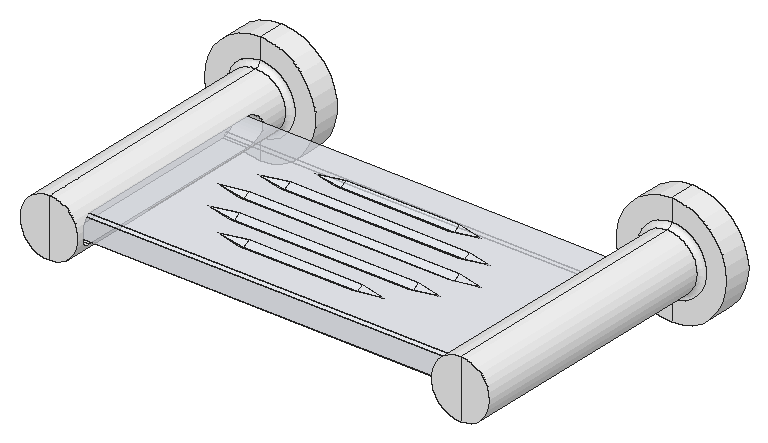
Revit family "Reece_Accessory_Sussex_Scala_Soap Dish", category Plumbing Fixtures, Revit 2018
Family settings
  Round Connector Dimension = Use Diameter
  Part Type = Normal
  Work Plane-Based = Yes
  Always vertical = Yes
  Cut with Voids When Loaded = Yes
  Shared = Yes
  Room Calculation Point = Yes
Parameters (values of type "Chrome")
  URL = "https://www.reece.com.au/product/-2261355"
  Type Comments = "Accessory"
  Reece_Product_Web Page = "https://www.reece.com.au/product/-2261355"
  Reece_Product_Type = "Accessory"  # constant formula
  Reece_Product_Sub Brand = "Scala"  # constant formula
  Reece_Product_Number = "2261355"
  Reece_Product_Mount = "Wall Mounted"
  Reece_Product_Description = "Sussex Scala Soap Dish Chrome"
  Reece_Product_Brand = "Sussex"  # constant formula
  Reece_Overall_Width = 198 mm  # constant formula
  Reece_Overall_Projection = 110 mm  # constant formula
  Reece_Material_Secondary = Reece_Safety Glass_Transparent
  Reece_Material_Main = Reece_Brass_Chrome
  Reece_Height_From_Level [instance] = 800 mm
  Reece_Fixing_Point_Width = 156 mm  # constant formula
  Reece_Detail_Disclaimer = "THIS FILE IS THE PROPERTY OF THE REECE GROUP. IT MAY NOT BE REPRODUCED, REVERSE-ENGINEERED OR MODIFIED. ANY REPUBLICATION, TRANSMISSION OR DISTRIBUTION FOR THE PURPOSE OF COMMERCIALLY EXPLOITING THE FILES IS PROHIBITED."  # constant formula
  Reece_Detail_Additional = "Soap Dish"  # constant formula
  Model = "Scala"
  Manufacturer = "Sussex"
  Keynote = "Product #2261355, Reece_Accessory_Sussex_Scala_Soap Dish - Chrome"
  Disclaimer = "THIS FILE IS THE PROPERTY OF THE REECE GROUP. IT MAY NOT BE REPRODUCED, REVERSE-ENGINEERED OR MODIFIED. ANY REPUBLICATION, TRANSMISSION OR DISTRIBUTION FOR THE PURPOSE OF COMMERCIALLY EXPLOITING THE FILES IS PROHIBITED."  # constant formula
  Description = "Scala Soap Dish Chrome"
  Default Elevation = 0 mm
Types (3, lengths in mm): name | URL | Reece_Product_Web Page | Reece_Product_Number | Reece_Product_Description | Reece_Material_Main | Keynote | Description
  Matte Black | "https://www.reece.com.au/product/-2261115" | "https://www.reece.com.au/product/-2261115" | "2261115" | "Sussex Scala Soap Dish Matte Black" | Reece_Brass_Matte Black | "Product #2261115, Reece_Accessory_Sussex_Scala_Soap Dish - Matte Black" | "Scala Soap Dish Matte Black"
  Chrome | "https://www.reece.com.au/product/-2261355" | "https://www.reece.com.au/product/-2261355" | "2261355" | "Sussex Scala Soap Dish Chrome" | Reece_Brass_Chrome | "Product #2261355, Reece_Accessory_Sussex_Scala_Soap Dish - Chrome" | "Scala Soap Dish Chrome"
  Satin Chrome | "https://www.reece.com.au/product/-2261385" | "https://www.reece.com.au/product/-2261385" | "2261385" | "Sussex Scala Soap Dish Satin Chrome" | Reece_Brass_Satin Chrome | "Product #2261385, Reece_Accessory_Sussex_Scala_Soap Dish - Satin Chrome" | "Scala Soap Dish Satin Chrome"
Reference planes
  plane 1 "Center (Front/Back)": y = 0
  plane 2 "Bottom Host Plane": z = -5
  plane 3 "Center (Left/Right)": x = 0
  plane 4 "fixing point": z = 795
  plane 5: y = -110
  plane 6: x = 99
  plane 7: x = -99
  plane 8: y = -26.598
  plane 9: y = -103.598
  plane 10: x = -78
  plane 11: x = 78
  plane 12: z = 806
  plane 13: z = 784
  plane 14: z = 816
  plane 15: z = 774
  plane 16: y = -10
Forms (mm)
  Extrusion 1, void
    sketch origin (0, 0, 995) x (0, 0, 1) y (0, -1, 0)
      loop
        line (-205.5, 102.5) -> (-205.5, 28)
        arc (-205.5, 28) -> (-200, 22.5) -> (-194.5, 28) r 5.5
        line (-194.5, 28) -> (-194.5, 102.5)
        arc (-194.5, 102.5) -> (-200, 108) -> (-205.5, 102.5) r 5.5
    from -78 to 78
  Extrusion 2, solid, material "Reece_Safety Glass_Transparent" <- "Reece_Material_Secondary"
    sketch origin (-78, 0.202, 995) x (0, 1, 0) y (0, 0, 1)
      loop
        line (-103.8, -195.987) -> (-103.8, -204.013) -> (-102.813, -205) -> (-27.687, -205) -> (-26.8, -204.113) -> (-26.8, -195.887) -> (-27.687, -195) -> (-102.813, -195) -> (-103.8, -195.987)
    from 0 to 156
  Revolve 3, solid, material "Reece_Brass_Chrome" <- "Reece_Material_Main"
    sketch origin (-78, 0, 1147) x (0, 1, 0) y (0, 0, -1)
      loop
        line (0, 352) -> (-110, 352) -> (-110, 341) -> (-12, 341)
        arc (-12, 341) -> (-10.586, 340.414) -> (-10, 339) r 2
        line (-10, 339) -> (-10, 331) -> (0, 331) -> (0, 352)
      axis (0, 352) -> (-110, 352)
    angle from 0 to 360
  Revolve 4, solid, material "Reece_Brass_Chrome" <- "Reece_Material_Main"
    sketch origin (78, 0, 1147) x (0, 1, 0) y (0, 0, 1)
      loop
        line (0, -352) -> (0, -331) -> (-10, -331) -> (-10, -339)
        arc (-10, -339) -> (-10.586, -340.414) -> (-12, -341) r 2
        line (-12, -341) -> (-110, -341) -> (-110, -352) -> (0, -352)
      axis (0, -352) -> (-110, -352)
    angle from 0 to 360
  Sweep 5, void
    path origin (-0.317, -65.25, 996.025) x (-1, 0, 0) y (0, 0, -1)
      loop
        line (-52.95, 193.185) -> (-40.033, 195) -> (-0.317, 195) -> (39.399, 195) -> (52.316, 193.185)
    profile origin (0, -65.25, 801.025) x (0, 0, 1) y (0, -1, 0)
      loop
        line (0, -4.304) -> (0, 4.304) -> (-2.447, 0) -> (0, -4.304)
  Sweep 6, void
    path origin (0, -53.295, 996.025) x (-1, 0, 0) y (0, 0, 1)
      loop
        line (-46.8, -193.185) -> (-33.883, -195) -> (0, -195) -> (33.883, -195) -> (46.8, -193.185)
    profile origin (0, -53.295, 801.025) x (0, 0, 1) y (0, 1, 0)
      loop
        line (-2.447, 0) -> (0, -4.304) -> (0, 4.304) -> (-2.447, 0)
  Sweep 7, void
    path origin (0, -42.283, 996.025) x (-1, 0, 0) y (0, 0, 1)
      loop
        line (-34.3, -193.185) -> (-21.383, -195) -> (0, -195) -> (21.383, -195) -> (34.3, -193.185)
    profile origin (0, -42.283, 801.025) x (0, 0, 1) y (0, 1, 0)
      loop
        line (-2.447, 0) -> (0, -4.304) -> (0, 4.304) -> (-2.447, 0)
  Sweep 8, void
    path origin (0, -88.217, 996.025) x (-1, 0, 0) y (0, 0, -1)
      loop
        line (-34.3, 193.185) -> (-21.383, 195) -> (0, 195) -> (21.383, 195) -> (34.3, 193.185)
    profile origin (0, -88.217, 801.025) x (0, 0, -1) y (0, -1, 0)
      loop
        line (2.447, 0) -> (0, 4.304) -> (0, -4.304) -> (2.447, 0)
  Sweep 9, void
    path origin (0, -77.205, 996.025) x (-1, 0, 0) y (0, 0, -1)
      loop
        line (-46.8, 193.185) -> (-33.883, 195) -> (0, 195) -> (33.883, 195) -> (46.8, 193.185)
    profile origin (0, -77.205, 801.025) x (0, 0, -1) y (0, -1, 0)
      loop
        line (2.447, 0) -> (0, 4.304) -> (0, -4.304) -> (2.447, 0)
Cuts and joins
  Extrusion 1, Sweep 5, Sweep 6 cuts Revolve 3
  Extrusion 1 cuts Revolve 4
  Sweep 5, Sweep 6, Sweep 7, Sweep 8, Sweep 9 cuts Extrusion 2
Lines and regions (mm)
  model lines, style "InvisibleLines"
    curve 1: line (0, 0, -5) -> (0, 0, 795)
Text (mm)
  text "Reece ©" at (2421.378, -2240.638, 3354.797), in view "Reece Preview"
  text "Reece Copyright © 2018, Reece Ltd." at (208.114, -279.799, 0), in view "Ref. Level"
Dimensions and locks
  locked: plane 2 "Bottom Host Plane" to level at 5
  "Reece_Height_From_Level": plane 4 "fixing point" to plane 2 "Bottom Host Plane"
  "Reece_Overall_Projection": plane 1 "Center (Front/Back)" to plane 5
  "Reece_Overall_Width": plane 7 to plane 6
  plane 8 to plane 9 = 77 mm
  "Reece_Fixing_Point_Width": plane 11 to plane 10
  plane 12 to plane 13 = 22 mm
  plane 14 to plane 15 = 42 mm
  plane 1 "Center (Front/Back)" to plane 16 = 10 mm
  equal spacing: plane 14, plane 4 "fixing point", plane 15, locked at 21 each
  equal spacing: plane 12, plane 4 "fixing point", plane 13, locked at 11 each
  aligned and locked: plane 1 "Center (Front/Back)" to curve 1
  aligned and locked: plane 3 "Center (Left/Right)" to curve 1
  aligned and locked: Revolve 3 sketch curve to plane 4 "fixing point"
Automatic sketch dimensions
  curve 1 to plane 2 "Bottom Host Plane" = 0 mm
  curve 1 to plane 4 "fixing point" = 0 mm
  Extrusion 1 sketch curve to plane 4 "fixing point" = 0 mm
  Extrusion 1 sketch curve to plane 8 = 1.402 mm
  Extrusion 1 sketch curve to Extrusion 1 sketch curve = 5.5 mm
  Extrusion 1 sketch curve to plane 9 = 1.098 mm
  Extrusion 2 sketch curve to plane 9 = 0 mm
  Extrusion 2 sketch curve to plane 8 = 0 mm
  Extrusion 2 sketch curve to plane 9 = 0.987 mm  (x2)
  Extrusion 2 sketch curve to plane 8 = 0.887 mm  (x2)
  Extrusion 2 sketch curve to plane 4 "fixing point" = 5 mm
  Extrusion 2 sketch curve to Extrusion 2 sketch curve = 0.887 mm  (x2)
  Extrusion 2 sketch curve to Extrusion 2 sketch curve = 0.987 mm
  plane 4 "fixing point" to Extrusion 2 sketch curve = 4.013 mm
  plane 4 "fixing point" to Extrusion 2 sketch curve = 4.113 mm
  plane 4 "fixing point" to Revolve 3 sketch curve = 0 mm
  Revolve 3 sketch curve to plane 5 = 0 mm
  Revolve 3 sketch curve to plane 12 = 0 mm
  Revolve 3 sketch curve to plane 16 = 0 mm
  Revolve 3 sketch curve to plane 1 "Center (Front/Back)" = 0 mm
  Revolve 3 sketch curve to plane 14 = 0 mm
  Revolve 3 sketch curve to Revolve 3 sketch curve = 2 mm
  Revolve 3 sketch curve to plane 8 = 28.402 mm
  Revolve 3 sketch curve to plane 16 = 5 mm
  Revolve 4 sketch curve to plane 4 "fixing point" = 0 mm  (x2)
  Revolve 4 sketch curve to plane 5 = 0 mm
  Revolve 4 sketch curve to plane 12 = 0 mm
  Revolve 4 sketch curve to plane 16 = 0 mm
  Revolve 4 sketch curve to plane 1 "Center (Front/Back)" = 0 mm
  Revolve 4 sketch curve to plane 14 = 0 mm
  plane 12 to Revolve 4 sketch curve = 2 mm
  Revolve 4 sketch curve to plane 8 = 28.402 mm
  Revolve 4 sketch curve to plane 16 = 5 mm
  Sweep 5 sketch curve to plane 3 "Center (Left/Right)" = 0 mm
  Sweep 5 sketch curve to plane 12 = 4.975 mm
  plane 11 to Sweep 5 sketch curve = 38.284 mm
  plane 10 to Sweep 5 sketch curve = 38.284 mm
  Sweep 5 sketch curve to plane 12 = 3.159 mm  (x2)
  Sweep 5 sketch curve to Sweep 5 sketch curve = 12.917 mm  (x2)
  Sweep 5 sketch curve to profile plane = 0 mm
  profile plane to Sweep 5 sketch curve = 0 mm
  profile plane to Sweep 5 sketch curve = 2.447 mm
  Sweep 5 sketch curve to profile plane = 4.304 mm
  profile plane to Sweep 5 sketch curve = 4.304 mm
  Sweep 6 sketch curve to plane 3 "Center (Left/Right)" = 0 mm
  Sweep 6 sketch curve to plane 12 = 4.975 mm
  plane 3 "Center (Left/Right)" to Sweep 6 sketch curve = 33.883 mm
  Sweep 6 sketch curve to Sweep 6 sketch curve = 33.883 mm
  Sweep 6 sketch curve to plane 12 = 3.159 mm  (x2)
  Sweep 6 sketch curve to Sweep 6 sketch curve = 12.917 mm  (x2)
  Sweep 6 sketch curve to profile plane = 0 mm
  profile plane to Sweep 6 sketch curve = 0 mm
  profile plane to Sweep 6 sketch curve = 2.447 mm
  Sweep 6 sketch curve to profile plane = 4.304 mm
  profile plane to Sweep 6 sketch curve = 4.304 mm
  Sweep 7 sketch curve to plane 3 "Center (Left/Right)" = 0 mm
  Sweep 7 sketch curve to plane 12 = 4.975 mm
  plane 3 "Center (Left/Right)" to Sweep 7 sketch curve = 21.383 mm
  Sweep 7 sketch curve to Sweep 7 sketch curve = 21.383 mm
  Sweep 7 sketch curve to plane 12 = 3.159 mm  (x2)
  Sweep 7 sketch curve to Sweep 7 sketch curve = 12.917 mm  (x2)
  Sweep 7 sketch curve to profile plane = 0 mm
  profile plane to Sweep 7 sketch curve = 0 mm
  profile plane to Sweep 7 sketch curve = 2.447 mm
  Sweep 7 sketch curve to profile plane = 4.304 mm
  profile plane to Sweep 7 sketch curve = 4.304 mm
  Sweep 8 sketch curve to plane 3 "Center (Left/Right)" = 0 mm
  Sweep 8 sketch curve to plane 12 = 4.975 mm
  plane 3 "Center (Left/Right)" to Sweep 8 sketch curve = 21.383 mm
  Sweep 8 sketch curve to Sweep 8 sketch curve = 21.383 mm
  Sweep 8 sketch curve to plane 12 = 3.159 mm  (x2)
  Sweep 8 sketch curve to Sweep 8 sketch curve = 12.917 mm  (x2)
  Sweep 8 sketch curve to profile plane = 0 mm  (x2)
  Sweep 8 sketch curve to profile plane = 2.447 mm
  Sweep 8 sketch curve to profile plane = 4.304 mm
  profile plane to Sweep 8 sketch curve = 4.304 mm
  Sweep 9 sketch curve to plane 3 "Center (Left/Right)" = 0 mm
  Sweep 9 sketch curve to plane 12 = 4.975 mm
  plane 3 "Center (Left/Right)" to Sweep 9 sketch curve = 33.883 mm
  Sweep 9 sketch curve to Sweep 9 sketch curve = 33.883 mm
  Sweep 9 sketch curve to plane 12 = 3.159 mm  (x2)
  Sweep 9 sketch curve to Sweep 9 sketch curve = 12.917 mm  (x2)
  Sweep 9 sketch curve to profile plane = 0 mm  (x2)
  Sweep 9 sketch curve to profile plane = 2.447 mm
  Sweep 9 sketch curve to profile plane = 4.304 mm
  profile plane to Sweep 9 sketch curve = 4.304 mm
